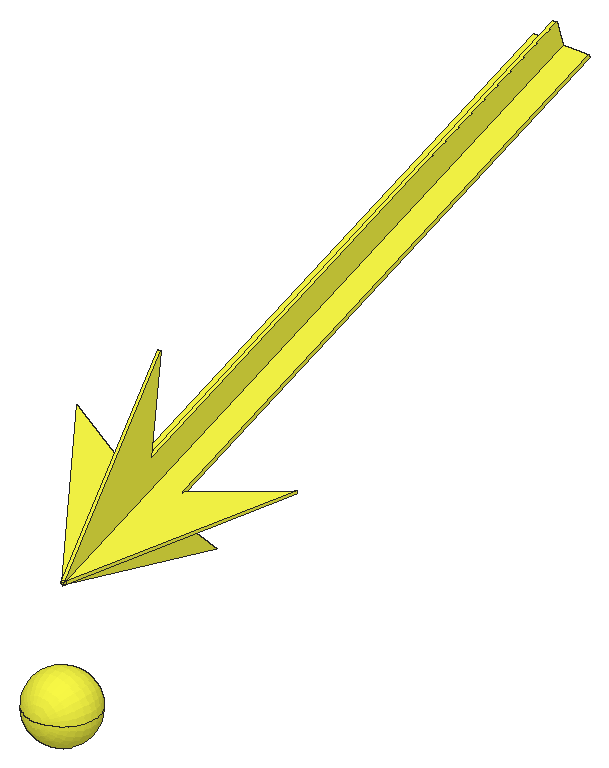
Revit family "AECedx_Entry", category Site, Revit 2019
Family settings
  Round Connector Dimension = Use Diameter
  Part Type = Normal
  Work Plane-Based = No
  Always vertical = Yes
  Cut with Voids When Loaded = No
  Shared = No
Parameters
  Show Bulb = yes
  Pointer Radius = Arrow Size / 20  # 0.100 m
  Material = AECedx_Entry
  Arrow Size = 2.000 m
  Arrow Depth = Arrow Size  # 2.000 m
  Arrow Height = Arrow Size / 2  # 1.000 m
  Arrow Width = Arrow Size / 3  # 0.666667 m
  Arrow Angle = atan(Arrow Height / 1.5 / Arrow Size)  # 18.4349°
Reference planes (m)
  plane 1 "Center (Front/Back)": y = 0
  plane 2: z = 0
  plane 3 "Center (Left/Right)": x = 0
  plane 4: z = 1
  plane 5: y = 2
Forms (m)
  Revolve 1, solid, material "AECedx_Entry" <- "Material", visible <- "Show Bulb"
    sketch origin (0, 0, 0) x (1, 0, 0) y (0, 1, 0)
      loop
        arc (0, -0.1) -> (0.1, 0) -> (0, 0.1) r 0.1
        line (0, 0.1) -> (0, -0.1)
      axis (0, 0.1) -> (0, -0.1)
    angle from 0 to 360
Lines and regions (m)
  reference lines
    curve 1: line (0, 2, 1) -> (0, 0, 0.333333)
    curve 2: line (0, 0, 0.333333) -> (0.34, 0, 0.333333)
Dimensions and locks (m)
  "Arrow Height": level to plane 4
  "Arrow Depth": plane 5 to plane 1 "Center (Front/Back)"
  "Pointer Radius": radius of Revolve 1 sketch curve
  "Arrow Angle": angle curve 1 to plane 4
  aligned and locked: level to plane 2
  aligned and locked: Revolve 1 sketch curve to plane 3 "Center (Left/Right)"
  aligned and locked: plane 5 to curve 1
  aligned and locked: plane 4 to curve 1
  aligned and locked: plane 1 "Center (Front/Back)" to curve 1
Automatic sketch dimensions
  curve 1 to curve 2 = 0.000 m
  curve 2 to curve 1 = 0.000 m
  curve 1 to curve 2 = 0.340 m
  plane 1 "Center (Front/Back)" to Revolve 1 sketch curve = 0.000 m
  Revolve 1 sketch curve to plane 3 "Center (Left/Right)" = 0.000 m
  Revolve 1 sketch curve to Revolve 1 sketch curve = 0.700 m
  Revolve 1 sketch curve to Revolve 1 sketch curve = 0.103942 m
Nested families (m)
  nested 1: "Arrow" at (0, 0, 0.333333) x (1, 0, 0) z (0, -0.3162, 0.9487), type "Arrow"
    with Head Depth 0.500 m, Arrow Width 0.666667 m, Arrow Inner Width 0.166667 m, Arrow Depth 2.000 m
  nested 2: "Arrow" at (0, 0, 0.333333) x (0, -0.3162, 0.9487) z (-1, 0, 0), type "Arrow"
    with Head Depth 0.500 m, Arrow Width 0.666667 m, Arrow Inner Width 0.166667 m, Arrow Depth 2.000 m
Definition of nested family "Arrow"
  Parameters (values of type "Arrow")
    Material = none
    Head Depth = Arrow Depth / 4  # 0.250 m
    Default Elevation = 1.2192 m
    Arrow Width = Arrow Depth / 3  # 0.333333 m
    Arrow Inner Width = Arrow Depth / 12  # 0.083333 m
    Arrow Depth = 1.000 m
  Reference planes (m)
    plane 1 "Center (Front/Back)": y = 0
    plane 2: z = 0
    plane 3 "Center (Left/Right)": x = 0
    plane 4: y = 0.25
    plane 5: x = 0.041667
    plane 6: x = -0.041667
    plane 7: x = -0.166667
    plane 8: x = 0.166667
    plane 9: y = 1
    plane 10: y = 0.125
    plane 11: y = 0.1875
  Forms (m)
    Extrusion 1, solid, material <- "Material"
      sketch origin (0, 0, 0) x (1, 0, 0) y (0, 1, 0)
        loop
          line (-0.041667, 1) -> (-0.041667, 0.1875) -> (-0.166667, 0.25) -> (0, 0) -> (0.166667, 0.25) -> (0.041667, 0.1875) -> (0.041667, 1) -> (-0.041667, 1)
      from -0.005 to 0.005
  Dimensions and locks (m)
    "Arrow Depth": plane 1 "Center (Front/Back)" to plane 9
    equal spacing: plane 6, plane 3 "Center (Left/Right)", plane 5
    equal spacing: plane 7, plane 3 "Center (Left/Right)", plane 8
    "Arrow Width": plane 7 to plane 8
    "Head Depth": plane 4 to plane 1 "Center (Front/Back)"
    equal spacing: plane 4, plane 10, plane 1 "Center (Front/Back)"
    equal spacing: plane 4, plane 11, plane 10
    "Arrow Inner Width": plane 6 to plane 5
    aligned and locked: level to plane 2
    aligned and locked: Extrusion 1 sketch curve to plane 6
    aligned and locked: Extrusion 1 sketch curve to plane 5
    aligned and locked: Extrusion 1 sketch curve to plane 9
    aligned and locked: plane 3 "Center (Left/Right)" to Extrusion 1 sketch curve
    aligned and locked: plane 1 "Center (Front/Back)" to Extrusion 1 sketch curve
    aligned and locked: plane 4 to Extrusion 1 sketch curve  (x2)
    aligned and locked: plane 7 to Extrusion 1 sketch curve
    aligned and locked: plane 8 to Extrusion 1 sketch curve
  Automatic sketch dimensions
    Extrusion 1 sketch curve to plane 11 = 0.000 m  (x2)
